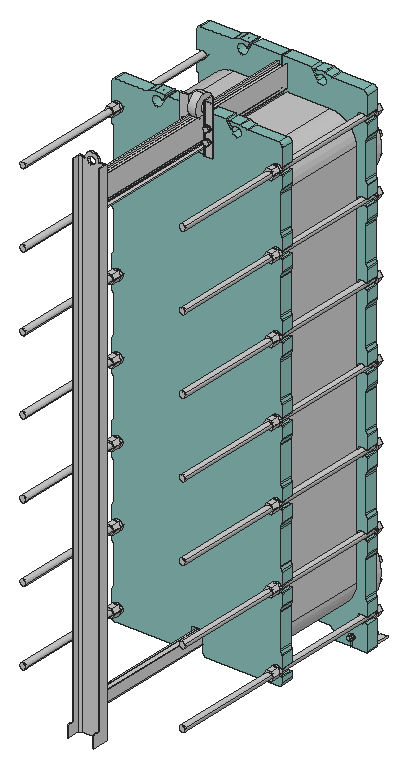
Revit family "Ekin_Endüstriyel - MIT5125", category Specialty Equipment, Revit 2022 (continued)
Automatic sketch dimensions
  Extrusion 33 sketch curve to Extrusion 11 = 0.00 mm
  Extrusion 33 sketch curve to Extrusion 33 sketch curve = 15.00 mm
  Extrusion 33 sketch curve to Extrusion 33 sketch curve = 35.00 mm
  Extrusion 11 to Extrusion 33 sketch curve = 60.00 mm
  Extrusion 34 sketch curve to Extrusion 34 sketch curve = 0.00 mm  (x4)
  level to Extrusion 34 sketch curve = 45.00 mm  (x2)
  Extrusion 34 sketch curve to plane 3 "Center (Left/Right)" = 352.50 mm
  plane 3 "Center (Left/Right)" to Extrusion 34 sketch curve = 352.50 mm
  Extrusion 34 sketch curve to Extrusion 34 sketch curve = 5.746 mm  (x4)
  Extrusion 34 sketch curve to Extrusion 34 sketch curve = 13.856 mm  (x2)
  Extrusion 36 sketch curve to Extrusion 36 sketch curve = 0.00 mm  (x14)
  Extrusion 36 sketch curve to level = 0.00 mm  (x2)
  Extrusion 36 sketch curve to plane 3 "Center (Left/Right)" = 432.50 mm
  Extrusion 36 sketch curve to Extrusion 36 sketch curve = 5.00 mm  (x2)
  Extrusion 36 sketch curve to Extrusion 36 sketch curve = 23.00 mm
  Extrusion 36 sketch curve to plane 4 = 1564.50 mm
  Extrusion 36 sketch curve to Extrusion 36 sketch curve = 28.00 mm
  Extrusion 36 sketch curve to Extrusion 36 sketch curve = 75.00 mm  (x3)
  level to Extrusion 36 sketch curve = 32.929 mm  (x2)
  Extrusion 36 sketch curve to Extrusion 36 sketch curve = 2.929 mm  (x2)
  Extrusion 36 sketch curve to Extrusion 36 sketch curve = 10.00 mm
  Extrusion 36 sketch curve to Extrusion 36 sketch curve = 179.004 mm
  Extrusion 36 sketch curve to Extrusion 36 sketch curve = 6.84 mm  (x4)
  level to Extrusion 36 sketch curve = 57.071 mm  (x2)
  Extrusion 36 sketch curve to Extrusion 36 sketch curve = 24.142 mm  (x2)
  Extrusion 36 sketch curve to Extrusion 36 sketch curve = 7.071 mm  (x4)
  Extrusion 36 sketch curve to Extrusion 36 sketch curve = 26.342 mm  (x2)
  Extrusion 36 sketch curve to Extrusion 36 sketch curve = 185.00 mm  (x2)
  Extrusion 36 sketch curve to Extrusion 36 sketch curve = 13.473 mm  (x2)
  Extrusion 36 sketch curve to plane 4 = 1160.00 mm  (x2)
  Extrusion 36 sketch curve to plane 4 = 960.00 mm
  Extrusion 36 sketch curve to plane 4 = 940.50 mm  (x2)
  Extrusion 36 sketch curve to plane 4 = 921.642 mm
  level to Extrusion 36 sketch curve = 5.00 mm  (x2)
  Extrusion 36 sketch curve to Extrusion 36 sketch curve = 80.00 mm
  Extrusion 36 sketch curve to Extrusion 36 sketch curve = 151.004 mm
  Extrusion 36 sketch curve to plane 4 = 755.50 mm  (x5)
  Extrusion 36 sketch curve to Extrusion 36 sketch curve = 52.00 mm
  level to Extrusion 36 sketch curve = 45.00 mm  (x2)
  level to Extrusion 36 sketch curve = 104.50 mm
  Extrusion 36 sketch curve to Extrusion 36 sketch curve = 101.50 mm  (x2)
  Extrusion 36 sketch curve to Extrusion 36 sketch curve = 60.00 mm  (x2)
  Extrusion 36 sketch curve to Extrusion 36 sketch curve = 170.50 mm  (x4)
  Extrusion 36 sketch curve to Extrusion 36 sketch curve = 209.50 mm  (x4)
  Extrusion 36 sketch curve to Extrusion 36 sketch curve = 380.00 mm  (x8)
  Extrusion 36 sketch curve to Extrusion 36 sketch curve = 187.50 mm
  Extrusion 36 sketch curve to Extrusion 36 sketch curve = 21.50 mm  (x2)
  Extrusion 36 sketch curve to Extrusion 36 sketch curve = 20.00 mm  (x2)
  Extrusion 36 sketch curve to Extrusion 36 sketch curve = 8.00 mm
  Extrusion 36 sketch curve to Extrusion 36 sketch curve = 126.50 mm
  Extrusion 36 sketch curve to Extrusion 36 sketch curve = 1.206 mm  (x2)
  Extrusion 36 sketch curve to Extrusion 36 sketch curve = 18.794 mm
  Extrusion 36 sketch curve to Extrusion 36 sketch curve = 109.00 mm  (x2)
  Extrusion 36 sketch curve to plane 4 = 1049.50 mm  (x2)
  Extrusion 37 sketch curve to Extrusion 37 sketch curve = 0.00 mm  (x34)
  Extrusion 37 sketch curve to plane 4 = 727.50 mm
  Extrusion 37 sketch curve to Extrusion 37 sketch curve = 20.00 mm  (x5)
  Extrusion 37 sketch curve to plane 4 = 755.50 mm  (x5)
  Extrusion 37 sketch curve to Extrusion 37 sketch curve = 8.00 mm  (x2)
  Extrusion 37 sketch curve to Extrusion 37 sketch curve = 28.00 mm  (x2)
  Extrusion 37 sketch curve to plane 4 = 903.504 mm
  Extrusion 37 sketch curve to Extrusion 37 sketch curve = 6.84 mm  (x4)
  Extrusion 37 sketch curve to Extrusion 37 sketch curve = 26.342 mm  (x2)
  Extrusion 37 sketch curve to Extrusion 37 sketch curve = 16.473 mm  (x2)
  Extrusion 37 sketch curve to plane 4 = 1098.75 mm
  Extrusion 37 sketch curve to Extrusion 37 sketch curve = 3.00 mm  (x6)
  Extrusion 37 sketch curve to Extrusion 37 sketch curve = 0.50 mm
  Extrusion 37 sketch curve to plane 4 = 1110.00 mm
  Extrusion 37 sketch curve to Extrusion 37 sketch curve = 16.75 mm
  Extrusion 37 sketch curve to Extrusion 37 sketch curve = 54.00 mm
  Extrusion 37 sketch curve to Extrusion 37 sketch curve = 82.00 mm
  Extrusion 37 sketch curve to Extrusion 37 sketch curve = 14.25 mm
  Extrusion 37 sketch curve to Extrusion 37 sketch curve = 2.50 mm
  Extrusion 37 sketch curve to Extrusion 37 sketch curve = 141.75 mm
  Extrusion 37 sketch curve to Extrusion 37 sketch curve = 374.50 mm
  Extrusion 37 sketch curve to Extrusion 37 sketch curve = 148.004 mm
  level to Extrusion 37 sketch curve = 146.50 mm
  Extrusion 37 sketch curve to Extrusion 37 sketch curve = 354.50 mm
  Extrusion 37 sketch curve to Extrusion 37 sketch curve = 46.50 mm  (x2)
  level to Extrusion 37 sketch curve = 100.00 mm
  Extrusion 37 sketch curve to Extrusion 37 sketch curve = 95.00 mm
  Extrusion 37 sketch curve to Extrusion 37 sketch curve = 380.00 mm  (x10)
  Extrusion 37 sketch curve to Extrusion 37 sketch curve = 318.50 mm
  Extrusion 37 sketch curve to Extrusion 37 sketch curve = 61.50 mm  (x2)
  Extrusion 37 sketch curve to Extrusion 37 sketch curve = 67.50 mm  (x2)
  Extrusion 37 sketch curve to Extrusion 37 sketch curve = 60.00 mm  (x2)
  Extrusion 37 sketch curve to Extrusion 37 sketch curve = 17.50 mm  (x2)
  Extrusion 37 sketch curve to Extrusion 37 sketch curve = 12.00 mm  (x2)
  Extrusion 37 sketch curve to Extrusion 37 sketch curve = 126.50 mm  (x2)
  Extrusion 37 sketch curve to Extrusion 37 sketch curve = 1.206 mm  (x2)
  Extrusion 37 sketch curve to Extrusion 37 sketch curve = 49.00 mm  (x2)
  Extrusion 37 sketch curve to Extrusion 37 sketch curve = 21.00 mm  (x14)
  Extrusion 38 sketch curve to Extrusion 38 sketch curve = 0.00 mm  (x10)
  Extrusion 38 sketch curve to plane 4 = 787.00 mm
  Extrusion 38 sketch curve to plane 4 = 917.00 mm  (x2)
  Extrusion 38 sketch curve to plane 4 = 940.50 mm  (x2)
  Extrusion 38 sketch curve to plane 4 = 1126.25 mm  (x2)
  Extrusion 38 sketch curve to Extrusion 38 sketch curve = 13.50 mm  (x4)
  Extrusion 38 sketch curve to Extrusion 38 sketch curve = 40.50 mm  (x2)
  Extrusion 38 sketch curve to Extrusion 38 sketch curve = 185.75 mm  (x2)
  Extrusion 38 sketch curve to Extrusion 38 sketch curve = 23.50 mm  (x2)
  Extrusion 38 sketch curve to Extrusion 38 sketch curve = 153.50 mm
  level to Extrusion 38 sketch curve = 163.00 mm
  Extrusion 38 sketch curve to Extrusion 38 sketch curve = 13.00 mm  (x3)
  Extrusion 38 sketch curve to Extrusion 38 sketch curve = 12.689 mm  (x4)
  Extrusion 38 sketch curve to Extrusion 38 sketch curve = 9.311 mm  (x3)
  Extrusion 38 sketch curve to Extrusion 38 sketch curve = 130.00 mm  (x2)
  Extrusion 38 sketch curve to Extrusion 38 sketch curve = 24.00 mm  (x4)
  Extrusion 38 sketch curve to Extrusion 38 sketch curve = 1939.00 mm
  Extrusion 38 sketch curve to Extrusion 38 sketch curve = 119.00 mm
  Extrusion 38 sketch curve to Extrusion 38 sketch curve = 154.00 mm
  Extrusion 38 sketch curve to Extrusion 38 sketch curve = 38.50 mm  (x2)
  Extrusion 38 sketch curve to Extrusion 38 sketch curve = 115.00 mm  (x2)
  plane 5 to Extrusion 39 sketch curve = 1000.00 mm  (x4)
  plane 5 to Extrusion 39 sketch curve = 800.00 mm
  Extrusion 39 sketch curve to Extrusion 39 sketch curve = 232.50 mm  (x2)
  Extrusion 39 sketch curve to Extrusion 39 sketch curve = 0.00 mm  (x10)
  Extrusion 39 sketch curve to Extrusion 39 sketch curve = 52.00 mm  (x2)
  plane 5 to Extrusion 39 sketch curve = 1200.00 mm
  level to Extrusion 39 sketch curve = 45.00 mm  (x2)
  level to Extrusion 39 sketch curve = 104.50 mm
  Extrusion 39 sketch curve to Extrusion 39 sketch curve = 101.50 mm  (x2)
  Extrusion 39 sketch curve to Extrusion 39 sketch curve = 60.00 mm  (x2)
  Extrusion 39 sketch curve to Extrusion 39 sketch curve = 380.00 mm  (x11)
  Extrusion 39 sketch curve to Extrusion 39 sketch curve = 21.50 mm  (x2)
  Extrusion 39 sketch curve to Extrusion 39 sketch curve = 138.50 mm
  plane 5 to Extrusion 40 sketch curve = 1404.50 mm  (x2)
  Extrusion 40 sketch curve to Extrusion 40 sketch curve = 0.00 mm  (x8)
  plane 5 to Extrusion 40 sketch curve = 1058.25 mm
  Extrusion 40 sketch curve to Extrusion 40 sketch curve = 0.50 mm  (x2)
  plane 5 to Extrusion 40 sketch curve = 1057.75 mm
  plane 5 to Extrusion 40 sketch curve = 1030.00 mm
  plane 5 to Extrusion 40 sketch curve = 1041.00 mm
  plane 5 to Extrusion 40 sketch curve = 959.00 mm
  Extrusion 40 sketch curve to Extrusion 40 sketch curve = 17.25 mm
  plane 5 to Extrusion 40 sketch curve = 942.25 mm
  plane 5 to Extrusion 40 sketch curve = 595.50 mm
  level to Extrusion 40 sketch curve = 146.50 mm
  Extrusion 40 sketch curve to Extrusion 40 sketch curve = 28.00 mm  (x3)
  Extrusion 40 sketch curve to Extrusion 40 sketch curve = 66.50 mm  (x2)
  Extrusion 40 sketch curve to Extrusion 40 sketch curve = 380.00 mm  (x10)
  Extrusion 40 sketch curve to Extrusion 40 sketch curve = 318.50 mm
  Extrusion 40 sketch curve to Extrusion 40 sketch curve = 61.50 mm  (x2)
  Extrusion 40 sketch curve to Extrusion 40 sketch curve = 67.50 mm  (x2)
  Extrusion 40 sketch curve to Extrusion 40 sketch curve = 60.00 mm  (x2)
  Extrusion 40 sketch curve to Extrusion 40 sketch curve = 17.50 mm  (x2)
  Extrusion 40 sketch curve to Extrusion 40 sketch curve = 55.00 mm  (x2)
  Extrusion 40 sketch curve to Extrusion 40 sketch curve = 21.00 mm  (x14)
  plane 5 to Extrusion 41 sketch curve = 1033.75 mm  (x2)
  level to Extrusion 41 sketch curve = 163.00 mm  (x2)
  Extrusion 41 sketch curve to Extrusion 41 sketch curve = 35.00 mm  (x2)
  Extrusion 42 sketch curve to Extrusion 42 sketch curve = 0.00 mm  (x7)
  plane 5 to Extrusion 42 sketch curve = 1219.50 mm
  level to Extrusion 42 sketch curve = 317.00 mm
  plane 5 to Extrusion 42 sketch curve = 1118.25 mm  (x2)
  Extrusion 42 sketch curve to Extrusion 42 sketch curve = 175.37 mm  (x3)
  Extrusion 39 sketch curve to Extrusion 39 sketch curve = 80.00 mm  (x2)
  Extrusion 39 sketch curve to Extrusion 39 sketch curve = 28.00 mm  (x2)
  level to Extrusion 39 sketch curve = 0.00 mm
  Extrusion 39 sketch curve to Extrusion 39 sketch curve = 17.00 mm
  Extrusion 39 sketch curve to Extrusion 39 sketch curve = 40.00 mm
  Extrusion 40 sketch curve to Extrusion 40 sketch curve = 232.50 mm  (x2)
  Extrusion 40 sketch curve to Extrusion 40 sketch curve = 15.00 mm  (x2)
  Extrusion 40 sketch curve to Extrusion 40 sketch curve = 7.00 mm
  Extrusion 40 sketch curve to Extrusion 40 sketch curve = 141.75 mm
  level to Extrusion 40 sketch curve = 80.00 mm
  plane 5 to Extrusion 40 sketch curve = 970.00 mm
  Extrusion 40 sketch curve to Extrusion 40 sketch curve = 118.00 mm
  Extrusion 42 sketch curve to Extrusion 42 sketch curve = 101.25 mm  (x5)
  plane 5 to Extrusion 42 sketch curve = 780.50 mm  (x2)
  plane 5 to Extrusion 42 sketch curve = 881.75 mm  (x2)
  Extrusion 42 sketch curve to Extrusion 42 sketch curve = 1763.63 mm  (x2)
  level to Extrusion 42 sketch curve = 141.63 mm
  Extrusion 41 sketch curve to Extrusion 41 sketch curve = 0.00 mm
  Extrusion 41 sketch curve to Extrusion 41 sketch curve = 2247.00 mm
  Extrusion 41 sketch curve to Extrusion 41 sketch curve = 339.25 mm  (x2)
  plane 5 to Extrusion 41 sketch curve = 966.25 mm  (x2)
  radius of Extrusion 1 to Extrusion 6 sketch curve = 4.50 mm  (x2)
  radius of Extrusion 2 to Extrusion 14 sketch curve = 4.00 mm  (x14)
  radius of Extrusion 21 sketch curve = 55.00 mm
  radius of Extrusion 21 sketch curve = 25.00 mm
  radius of Extrusion 22 sketch curve = 24.50 mm
  radius of Extrusion 2 to Extrusion 26 sketch curve = 4.50 mm  (x4)
  radius of Extrusion 2 to Extrusion 28 sketch curve = 4.50 mm  (x4)
  radius of Extrusion 30 sketch curve to Extrusion 2 = 2.50 mm  (x4)
  radius of Extrusion 36 sketch curve = 10.50 mm  (x6)
  radius of Extrusion 36 sketch curve = 25.00 mm  (x2)
  radius of Extrusion 36 sketch curve = 21.00 mm  (x14)
  radius of Extrusion 37 sketch curve = 10.50 mm  (x4)
  radius of Extrusion 37 sketch curve = 25.00 mm  (x2)
  radius of Extrusion 39 sketch curve = 10.50 mm  (x6)
  radius of Extrusion 39 sketch curve = 25.00 mm  (x2)
  radius of Extrusion 39 sketch curve = 21.00 mm  (x14)
  radius of Extrusion 40 sketch curve = 10.50 mm  (x4)
  radius of Extrusion 40 sketch curve = 25.00 mm  (x2)
Connectors
  piping at (219.5, 37, 2256), diameter 254
    settings: on Extrusion 16, index 1, connector inside diameter 609.6 mm, connector length 0.00 mm, flow factor 0, pipe flow 0.0 L/s, pressure drop 0 bar, fitting loss kfactor 0, connector angle 0.00°, fixture units 0, engagement length 0.00 mm, angle of deflection 0.00°, flow configuration 0, flow direction 1, fitting loss method 0, system type 7, joint type 0, gender type 0, connector reference index -1, connector utility 0, adjustable connector no, is connector primary yes, connector description ""
  piping at (-219.5, 37, 2256), diameter 254
    settings: on Extrusion 16, index 2, connector inside diameter 609.6 mm, connector length 0.00 mm, flow factor 0, pipe flow 0.0 L/s, pressure drop 0 bar, fitting loss kfactor 0, connector angle 0.00°, fixture units 0, engagement length 0.00 mm, angle of deflection 0.00°, flow configuration 0, flow direction 2, fitting loss method 0, system type 7, joint type 0, gender type 0, connector reference index -1, connector utility 0, adjustable connector no, is connector primary no, connector description ""
  piping at (219.5, 37, 317), diameter 254
    settings: on Extrusion 16, index 3, connector inside diameter 609.6 mm, connector length 0.00 mm, flow factor 0, pipe flow 0.0 L/s, pressure drop 0 bar, fitting loss kfactor 0, connector angle 0.00°, fixture units 0, engagement length 0.00 mm, angle of deflection 0.00°, flow configuration 0, flow direction 2, fitting loss method 0, system type 7, joint type 0, gender type 0, connector reference index -1, connector utility 0, adjustable connector no, is connector primary no, connector description ""
  piping at (-219.5, 37, 317), diameter 254
    settings: on Extrusion 16, index 4, connector inside diameter 609.6 mm, connector length 0.00 mm, flow factor 0, pipe flow 0.0 L/s, pressure drop 0 bar, fitting loss kfactor 0, connector angle 0.00°, fixture units 0, engagement length 0.00 mm, angle of deflection 0.00°, flow configuration 0, flow direction 1, fitting loss method 0, system type 7, joint type 0, gender type 0, connector reference index -1, connector utility 0, adjustable connector no, is connector primary no, connector description ""
